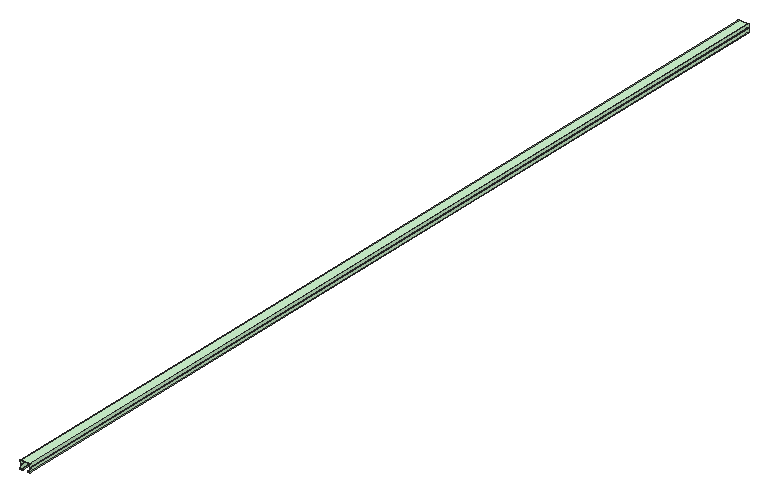
Revit family "obikiko", category 機械設備, Revit 2022
Family settings
  丸型コネクタ寸法 = 直径を使用
  種別 = なし
  パーツ タイプ = 標準
  作業面ベース = いいえ
  常に垂直 = はい
  ロード時にボイドで切り取り = いいえ
  注釈の向きを維持 = いいえ
  共有 = いいえ
  部屋計算ポイント = いいえ
Parameters
  製造元 = "株式会社桐井製作所"
  既定の高さ = 0 mm
  URL = "https://www.kirii.co.jp/"
  K_表面処理 = "Z12以上"
  K_材質 = "溶融亜鉛めっき鋼板及び鋼帯及び鋼帯 JIS G 3302"
  K_名称 = "大引鋼"
  K_単位質量(kg/m) = 12.744
  K_バージョン情報 = "20221219"
Reference planes
  plane 1 "中心(正面/背面)": y = 0
  plane 2: z = 0
  plane 3 "中心(左/右)": x = 0
Forms (mm)
  Extrusion 1, solid
    sketch origin (0, 0, 0) x (1, 0, 0) y (0, 0, 1)
      loop
        line (-26.8, 48.4) -> (26.8, 48.4)
        arc (26.8, 48.4) -> (27.932, 47.932) -> (28.4, 46.8) r 1.6
        line (28.4, 46.8) -> (28.4, 28) -> (27.108, 25.452)
        arc (27.108, 25.452) -> (27, 25) -> (27.108, 24.548) r 1
        line (27.108, 24.548) -> (28.4, 22) -> (28.4, 3.2)
        arc (28.4, 3.2) -> (27.932, 2.069) -> (26.8, 1.6) r 1.6
        line (26.8, 1.6) -> (18.2, 1.6)
        arc (18.2, 1.6) -> (17.069, 2.069) -> (16.6, 3.2) r 1.6
        line (16.6, 3.2) -> (16.6, 6) -> (15, 6) -> (15, 3.2)
        arc (15, 3.2) -> (15.937, 0.937) -> (18.2, 0) r 3.2
        line (18.2, 0) -> (26.8, 0)
        arc (26.8, 0) -> (29.063, 0.937) -> (30, 3.2) r 3.2
        line (30, 3.2) -> (30, 21.201)
        arc (30, 21.201) -> (29.915, 21.981) -> (29.662, 22.724) r 3.6
        line (29.662, 22.724) -> (28.6, 25) -> (29.662, 27.276)
        arc (29.662, 27.276) -> (29.915, 28.019) -> (30, 28.799) r 3.6
        line (30, 28.799) -> (30, 46.8)
        arc (30, 46.8) -> (29.063, 49.063) -> (26.8, 50) r 3.2
        line (26.8, 50) -> (-26.8, 50)
        arc (-26.8, 50) -> (-29.063, 49.063) -> (-30, 46.8) r 3.2
        line (-30, 46.8) -> (-30, 28.799)
        arc (-30, 28.799) -> (-29.915, 28.019) -> (-29.662, 27.276) r 3.6
        line (-29.662, 27.276) -> (-28.6, 25) -> (-29.662, 22.724)
        arc (-29.662, 22.724) -> (-29.915, 21.981) -> (-30, 21.201) r 3.6
        line (-30, 21.201) -> (-30, 3.2)
        arc (-30, 3.2) -> (-29.063, 0.937) -> (-26.8, 0) r 3.2
        line (-26.8, 0) -> (-18.2, 0)
        arc (-18.2, 0) -> (-15.937, 0.937) -> (-15, 3.2) r 3.2
        line (-15, 3.2) -> (-15, 6) -> (-16.6, 6) -> (-16.6, 3.2)
        arc (-16.6, 3.2) -> (-17.069, 2.069) -> (-18.2, 1.6) r 1.6
        line (-18.2, 1.6) -> (-26.8, 1.6)
        arc (-26.8, 1.6) -> (-27.932, 2.069) -> (-28.4, 3.2) r 1.6
        line (-28.4, 3.2) -> (-28.4, 22) -> (-27.108, 24.548)
        arc (-27.108, 24.548) -> (-27, 25) -> (-27.108, 25.452) r 1
        line (-27.108, 25.452) -> (-28.4, 28) -> (-28.4, 46.8)
        arc (-28.4, 46.8) -> (-27.932, 47.932) -> (-26.8, 48.4) r 1.6
    from -2700 to 2700
Dimensions and locks
  aligned and locked: level to plane 2
